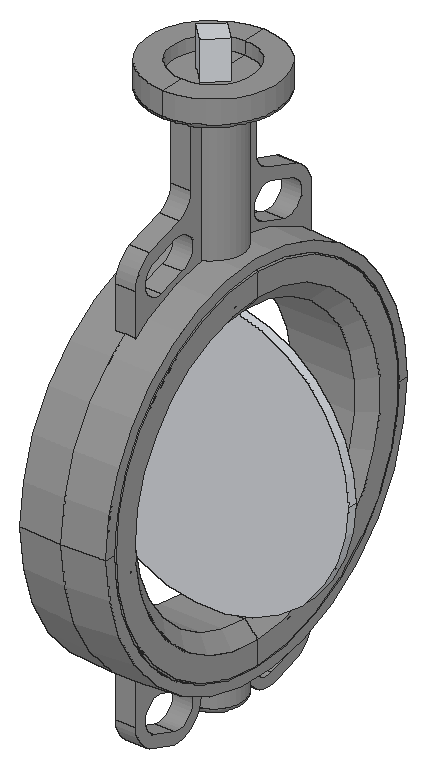
Revit family "Запорно-регулирующая заслонка ZF-4219", category Rohrzubehör, Revit 2021
Family settings
  Bemaßung runder Anschluss = Durchmesser verwenden
  Teiletyp = Unterbricht
  Arbeitsebenenbasiert = Nein
  Immer vertikal = Ja
  Beim Laden mit Abzugskörper schneiden = Nein
  Gemeinsam genutzt = Nein
Parameters
  Шпиндель = "Нержавеющая сталь ASTM-A276 / Type 316"  # constant formula
  Фланцевое соединение = "В соответствии с EN1092-2"  # constant formula
  Уплотнение корпуса = "EPDM в соответствии с ISO 1691"  # constant formula
  Среда = "Качество теплоносителя в соответствии с ÖNORM H5195 и/или предписаниями VDI 2035.\r\nРазрешается использование смеси этилен или пропиленгликоля в соотношении 25-50% с водой."
  Область применения = "Применяются в системах тепло- и холодоснабжения."
  Номер заказа [instance] = size_lookup("4219_ZF", "Artnr", 1421901, Nennweite)  # 1421927
  Макс. рабочая температура = 110 °C  # constant formula
  Крутящий момент в Нм [instance] = size_lookup("4219_ZF", "NM", 350, Nennweite)  # 150
  Корпус = "Чугун GG, GJS-250/JL1040, в соответствии с EN1561"  # constant formula
  Диск = "Нержавеющая сталь 1.4408"  # constant formula
  Вес [instance] = size_lookup("4219_ZF", "M", 37.6, Nennweite)  # 16.6
  Vorgabe-Ansicht = 0 mm
  URL = "www.herz-armaturen.ru"
  Болты PN16 [instance] = if(Nennweite = 50 mm, "4x M16x100", if(Nennweite = 65 mm, "4x M16x100", if(Nennweite = 80 mm, "8x M16x100", if(Nennweite = 100 mm, "8x M16x110", if(Nennweite = 125 mm, "8x M16x120", if(Nennweite = 150 mm, "8x M20x120", if(Nennweite = 200 mm, "12x M20x130", if(Nennweite = 250 mm, "12x M24x140", "12x M24x160"))))))))  # "12x M20x130"
  Болты PN 6 [instance] = if(Nennweite = 50 mm, "4x M12x100", if(Nennweite = 65 mm, "4x M12x100", if(Nennweite = 80 mm, "4x M16x100", if(Nennweite = 100 mm, "4x M16x100", if(Nennweite = 125 mm, "8x M16x110", if(Nennweite = 150 mm, "8x M16x110", if(Nennweite = 200 mm, "--", if(Nennweite = 250 mm, "12x M16x130", "12xM16x140"))))))))  # "--"
  Болты PN10 [instance] = if(Nennweite = 50 mm, "4x M16x100", if(Nennweite = 65 mm, "4x M16x100", if(Nennweite = 80 mm, "4x M16x100", if(Nennweite = 100 mm, "4x M16x110", if(Nennweite = 125 mm, "8x M16x120", if(Nennweite = 150 mm, "8x M20x120", if(Nennweite = 200 mm, "8x M20x130", if(Nennweite = 250 mm, "12x M20x130", "12x M20x150"))))))))  # "8x M20x130"
  SCTWSEQ = "FW;SBT_TYP_FW=\"101\";2"
  SCTWCODE = "04;07;02"  # constant formula
  SCRNSEQ = "ARM;ARM_TYP=\"ALLF\";2"
  SCRNCODE = "05;13;02"  # constant formula
  R_Dichtung = 1.5 mm  # constant formula
  PN16 [instance] = or(Nennweite = 50 mm, Nennweite = 65 mm, Nennweite = 80 mm, Nennweite = 100 mm, Nennweite = 125 mm, Nennweite = 150 mm, Nennweite = 200 mm, Nennweite = 250 mm, Nennweite = 300 mm)  # yes
  PN10 [instance] = or(Nennweite = 50 mm, Nennweite = 65 mm, Nennweite = 80 mm, Nennweite = 100 mm, Nennweite = 125 mm, Nennweite = 150 mm, Nennweite = 200 mm, Nennweite = 250 mm, Nennweite = 300 mm)  # yes
  PN 6 [instance] = or(Nennweite = 50 mm, Nennweite = 65 mm, Nennweite = 80 mm, Nennweite = 100 mm, Nennweite = 125 mm, Nennweite = 150 mm, Nennweite = 250 mm, Nennweite = 300 mm)  # no
  PN = 16  # constant formula
  O-Ring = "EPDM в соответствии с ISO 1691"  # constant formula
  Nennweite [instance] = 200 mm
  Мин. рабочая температура = "-20.00 °C при соответствующей водно-гликолевой смеси"  # constant formula
  LO1 [instance] = R05 + 10 mm  # 141 mm
  L16 [instance] = L01 - L13  # 236 mm
  L15 [instance] = L01 + L12  # 263 mm
  L14 [instance] = size_lookup("4219_ZF", "L_14", 44.4 mm, Nennweite)  # 61.5 mm
  L13 [instance] = size_lookup("4219_ZF", "L_13", 15 mm, Nennweite)  # 9 mm
  L12 [instance] = size_lookup("4219_ZF", "L_12", 15 mm, Nennweite)  # 18 mm
  L11 [instance] = size_lookup("4219_ZF", "L_11", 15 mm, Nennweite)  # 20 mm
  L10 [instance] = size_lookup("4219_ZF", "L_10", 16 mm, Nennweite)  # 16 mm
  L09 [instance] = size_lookup("4219_ZF", "L9", 29 mm, Nennweite)  # 44 mm
  L08 [instance] = size_lookup("4219_ZF", "L8", 43 mm, Nennweite)  # 60 mm
  L07 [instance] = size_lookup("4219_ZF", "L7", 3.5 mm, Nennweite)  # 4.5 mm
  L06 [instance] = size_lookup("4219_ZF", "L6", 18 mm, Nennweite)  # 32 mm
  L05 [instance] = size_lookup("4219_ZF", "L5", 35 mm, Nennweite)  # 50 mm
  L04 [instance] = size_lookup("4219_ZF", "L4", 35 mm, Nennweite)  # 17.5 mm
  L03 [instance] = size_lookup("4219_ZF", "L3", 35 mm, Nennweite)  # 152.5 mm
  L02 [instance] = size_lookup("4219_ZF", "L2", 35 mm, Nennweite)  # 109 mm
  L01 [instance] = size_lookup("4219_ZF", "L1", 35 mm, Nennweite)  # 245 mm
  Hersteller = "HERZ Armaturen Ges.m.b.H."  # constant formula
  H [instance] = size_lookup("4219_ZF", "H1", 9 mm, Nennweite)  # 17 mm
  DN300 [instance] = Nennweite = 300 mm  # no
  DN250 [instance] = Nennweite = 250 mm  # no
  DN200 [instance] = Nennweite = 200 mm  # yes
  DN150 [instance] = Nennweite = 150 mm  # no
  DN125 [instance] = Nennweite = 125 mm  # no
  DN100 [instance] = Nennweite = 100 mm  # no
  DN 80 [instance] = Nennweite = 80 mm  # no
  DN 65 [instance] = Nennweite = 65 mm  # no
  DN 50 [instance] = Nennweite = 50 mm  # no
  BD [instance] = size_lookup("4219_ZF", "DB", 24 mm, Nennweite)  # 193.6 mm
  D09 [instance] = size_lookup("4219_ZF", "D9", 24 mm, Nennweite)  # 96.5 mm
  D08 [instance] = size_lookup("4219_ZF", "D8", 47 mm, Nennweite)  # 14 mm
  D07 [instance] = size_lookup("4219_ZF", "D7", 47 mm, Nennweite)  # 27.5 mm
  D06 [instance] = size_lookup("4219_ZF", "D6", 47 mm, Nennweite)  # 44 mm
  R05 [instance] = size_lookup("4219_ZF", "D5", 47 mm, Nennweite)  # 131 mm
  D05 [instance] = R05 * 2  # 262 mm
  D04 [instance] = size_lookup("4219_ZF", "D4", 41 mm, Nennweite)  # 124 mm
  D03 [instance] = size_lookup("4219_ZF", "D3", 35.5 mm, Nennweite)  # 116.5 mm
  R01 [instance] = size_lookup("4219_ZF", "D1", 28 mm, Nennweite)  # 103.5 mm
  R02 [instance] = size_lookup("4219_ZF", "D2", 30 mm, Nennweite)  # 105.5 mm
Reference planes
  plane 1 "Mitte (Vorne/hinten)": y = 0
  plane 2: z = 0
  plane 3 "Mitte (Links/rechts)": x = 0
Forms (mm)
  Revolve 1, solid, material "Herz-Metall-blau", detail levels fine
    sketch origin (0, 0, 0) x (1, 0, 0) y (0, 1, 0)
      loop
        line (0, 132.724) -> (-30, 131) -> (-30, 124) -> (-22, 124) -> (-22, 116.5) -> (-23.5, 116.5)
        arc (-23.5, 116.5) -> (-24.561, 116.061) -> (-25, 115) r 1.5
        line (-25, 115) -> (-25, 105.824)
        arc (-25, 105.824) -> (-24.729, 104.964) -> (-24.013, 104.415) r 1.5
        line (-24.013, 104.415) -> (-20.5, 103.5) -> (-16, 103.5) -> (-16, 105.5) -> (16, 105.5) -> (16, 103.5) -> (20.5, 103.5) -> (24.013, 104.415)
        arc (24.013, 104.415) -> (24.729, 104.964) -> (25, 105.824) r 1.5
        line (25, 105.824) -> (25, 115)
        arc (25, 115) -> (24.561, 116.061) -> (23.5, 116.5) r 1.5
        line (23.5, 116.5) -> (22, 116.5) -> (22, 124) -> (30, 124) -> (30, 131) -> (0, 132.724)
      axis (30, 0) -> (-30, 0)
    angle from 0 to 360
  Extrusion 2, solid, material "Herz-Metall-blau", visible <- "DN 50", detail levels fine
    sketch origin (0, 0, 0) x (0, 1, 0) y (0, 0, 1)
      loop
        line (20, 54.051) -> (20.008, 111.113) -> (16.897, 110.952)
        arc (16.897, 110.952) -> (15.55, 110.331) -> (15, 108.954) r 2
        line (15, 108.954) -> (15, 44.542)
        arc (15, 44.542) -> (31.465, 34.913) -> (42.748, 19.534) r 47
        arc (42.748, 19.534) -> (42.633, 20.873) -> (43.392, 21.983) r 2
        line (43.392, 21.983) -> (54.714, 30.209)
        arc (54.714, 30.209) -> (56.569, 56.569) -> (30.209, 54.714) r 17.5
        line (30.209, 54.714) -> (27.87, 51.494)
        arc (27.87, 51.494) -> (23.006, 49.914) -> (20, 54.051) r 4.35
      loop
        arc (32.065, 41.998) -> (33.588, 33.588) -> (41.998, 32.065) r 7.5
        line (41.998, 32.065) -> (48.502, 35.17)
        arc (48.502, 35.17) -> (51.265, 51.265) -> (35.17, 48.502) r 10
        line (35.17, 48.502) -> (32.065, 41.998)
      loop
        arc (-20, 54.051) -> (-23.006, 49.914) -> (-27.87, 51.494) r 4.35
        line (-27.87, 51.494) -> (-30.209, 54.714)
        arc (-30.209, 54.714) -> (-56.569, 56.569) -> (-54.714, 30.209) r 17.5
        line (-54.714, 30.209) -> (-43.392, 21.983)
        arc (-43.392, 21.983) -> (-42.633, 20.873) -> (-42.748, 19.534) r 2
        arc (-42.748, 19.534) -> (-31.465, 34.913) -> (-15, 44.542) r 47
        line (-15, 44.542) -> (-15, 108.954)
        arc (-15, 108.954) -> (-15.55, 110.331) -> (-16.897, 110.952) r 2
        line (-16.897, 110.952) -> (-20.008, 111.113) -> (-20, 54.051)
      loop
        line (-32.065, 41.998) -> (-35.17, 48.502)
        arc (-35.17, 48.502) -> (-51.265, 51.265) -> (-48.502, 35.17) r 10
        line (-48.502, 35.17) -> (-41.998, 32.065)
        arc (-41.998, 32.065) -> (-33.588, 33.588) -> (-32.065, 41.998) r 7.5
      loop
        line (32.065, -41.998) -> (35.17, -48.502)
        arc (35.17, -48.502) -> (51.265, -51.265) -> (48.502, -35.17) r 10
        line (48.502, -35.17) -> (41.998, -32.065)
        arc (41.998, -32.065) -> (33.588, -33.588) -> (32.065, -41.998) r 7.5
      loop
        line (54.714, -30.209) -> (43.392, -21.983)
        arc (43.392, -21.983) -> (42.633, -20.873) -> (42.748, -19.534) r 2
        arc (42.748, -19.534) -> (33.234, -33.234) -> (19.534, -42.748) r 47
        arc (19.534, -42.748) -> (20.873, -42.633) -> (21.983, -43.392) r 2
        line (21.983, -43.392) -> (30.209, -54.714)
        arc (30.209, -54.714) -> (56.569, -56.569) -> (54.714, -30.209) r 17.5
      loop
        arc (-32.065, -41.998) -> (-33.588, -33.588) -> (-41.998, -32.065) r 7.5
        line (-41.998, -32.065) -> (-48.502, -35.17)
        arc (-48.502, -35.17) -> (-51.265, -51.265) -> (-35.17, -48.502) r 10
        line (-35.17, -48.502) -> (-32.065, -41.998)
      loop
        arc (-54.714, -30.209) -> (-56.569, -56.569) -> (-30.209, -54.714) r 17.5
        line (-30.209, -54.714) -> (-21.983, -43.392)
        arc (-21.983, -43.392) -> (-20.873, -42.633) -> (-19.534, -42.748) r 2
        arc (-19.534, -42.748) -> (-33.234, -33.234) -> (-42.748, -19.534) r 47
        arc (-42.748, -19.534) -> (-42.633, -20.873) -> (-43.392, -21.983) r 2
        line (-43.392, -21.983) -> (-54.714, -30.209)
    from -4.5 to 4.5
  Extrusion 3, solid, material "Herz-Metall-blau", visible <- "DN 65", detail levels fine
    sketch origin (0, 0, 0) x (0, 1, 0) y (0, 0, 1)
      loop
        arc (51.659, 21.619) -> (51.541, 22.778) -> (52.089, 23.805) r 2
        line (52.089, 23.805) -> (65.407, 37.123)
        arc (65.407, 37.123) -> (65.407, 65.407) -> (37.123, 65.407) r 20
        line (37.123, 65.407) -> (29.414, 57.699)
        arc (29.414, 57.699) -> (27.235, 57.265) -> (26, 59.113) r 2
        line (26, 59.113) -> (26, 136.154) -> (19.897, 135.838)
        arc (19.897, 135.838) -> (18.55, 135.218) -> (18, 133.841) r 2
        line (18, 133.841) -> (18, 53.028)
        arc (18, 53.028) -> (38.206, 40.942) -> (51.659, 21.619) r 56
      loop
        arc (55.637, 42.831) -> (57.983, 57.983) -> (42.831, 55.637) r 9.5
        line (42.831, 55.637) -> (39.647, 48.983)
        arc (39.647, 48.983) -> (41.012, 41.012) -> (48.983, 39.647) r 7
        line (48.983, 39.647) -> (55.637, 42.831)
      loop
        arc (51.659, -21.619) -> (39.598, -39.598) -> (21.619, -51.659) r 56
        arc (21.619, -51.659) -> (22.778, -51.541) -> (23.805, -52.089) r 2
        line (23.805, -52.089) -> (37.123, -65.407)
        arc (37.123, -65.407) -> (65.407, -65.407) -> (65.407, -37.123) r 20
        line (65.407, -37.123) -> (52.089, -23.805)
        arc (52.089, -23.805) -> (51.541, -22.778) -> (51.659, -21.619) r 2
      loop
        line (55.637, -42.831) -> (48.983, -39.647)
        arc (48.983, -39.647) -> (41.012, -41.012) -> (39.647, -48.983) r 7
        line (39.647, -48.983) -> (42.831, -55.637)
        arc (42.831, -55.637) -> (57.983, -57.983) -> (55.637, -42.831) r 9.5
      loop
        arc (-51.659, -21.619) -> (-51.541, -22.778) -> (-52.089, -23.805) r 2
        line (-52.089, -23.805) -> (-65.407, -37.123)
        arc (-65.407, -37.123) -> (-65.407, -65.407) -> (-37.123, -65.407) r 20
        line (-37.123, -65.407) -> (-23.805, -52.089)
        arc (-23.805, -52.089) -> (-22.778, -51.541) -> (-21.619, -51.659) r 2
        arc (-21.619, -51.659) -> (-39.598, -39.598) -> (-51.659, -21.619) r 56
      loop
        arc (-55.637, -42.831) -> (-57.983, -57.983) -> (-42.831, -55.637) r 9.5
        line (-42.831, -55.637) -> (-39.647, -48.983)
        arc (-39.647, -48.983) -> (-41.012, -41.012) -> (-48.983, -39.647) r 7
        line (-48.983, -39.647) -> (-55.637, -42.831)
      loop
        arc (-51.659, 21.619) -> (-38.206, 40.942) -> (-18, 53.028) r 56
        line (-18, 53.028) -> (-18, 133.838)
        arc (-18, 133.838) -> (-18.55, 135.215) -> (-19.897, 135.835) r 2
        line (-19.897, 135.835) -> (-26, 136.151) -> (-26, 59.113)
        arc (-26, 59.113) -> (-27.235, 57.265) -> (-29.414, 57.699) r 2
        line (-29.414, 57.699) -> (-37.123, 65.407)
        arc (-37.123, 65.407) -> (-65.407, 65.407) -> (-65.407, 37.123) r 20
        line (-65.407, 37.123) -> (-52.089, 23.805)
        arc (-52.089, 23.805) -> (-51.541, 22.778) -> (-51.659, 21.619) r 2
      loop
        line (-55.637, 42.831) -> (-48.983, 39.647)
        arc (-48.983, 39.647) -> (-41.012, 41.012) -> (-39.647, 48.983) r 7
        line (-39.647, 48.983) -> (-42.831, 55.637)
        arc (-42.831, 55.637) -> (-57.983, 57.983) -> (-55.637, 42.831) r 9.5
    from -4.5 to 4.5
  Extrusion 4, solid, material "Herz-Metall-blau", visible <- "DN 80", detail levels fine
    sketch origin (0, 0, 0) x (0, 1, 0) y (0, 0, 1)
      loop
        line (26, 143.161) -> (20.397, 142.871)
        arc (20.397, 142.871) -> (19.05, 142.251) -> (18.5, 140.874) r 2
        line (18.5, 140.874) -> (18.5, 62.833)
        arc (18.5, 62.833) -> (41.296, 50.842) -> (57.706, 30.989) r 65.5
        arc (57.706, 30.989) -> (57.482, 32.176) -> (57.983, 33.275) r 2
        line (57.983, 33.275) -> (67.23, 43.52)
        arc (67.23, 43.52) -> (70.328, 54.798) -> (65.407, 65.407) r 17
        line (65.407, 65.407) -> (42.005, 86.53)
        arc (42.005, 86.53) -> (37.832, 89.302) -> (33.031, 90.738) r 17
        arc (33.031, 90.738) -> (27.974, 93.895) -> (26, 99.52) r 9
        line (26, 99.52) -> (26, 143.161)
      loop
        circle (30.615, 73.91) r 9.5
      loop
        circle (53.387, 53.387) r 9.5
      loop
        arc (57.706, -30.989) -> (41.296, -50.842) -> (18.5, -62.833) r 65.5
        line (18.5, -62.833) -> (18.5, -85.837)
        arc (18.5, -85.837) -> (30.113, -90.903) -> (42.005, -86.53) r 17
        line (42.005, -86.53) -> (65.407, -65.407)
        arc (65.407, -65.407) -> (70.328, -54.798) -> (67.23, -43.52) r 17
        line (67.23, -43.52) -> (57.983, -33.275)
        arc (57.983, -33.275) -> (57.482, -32.176) -> (57.706, -30.989) r 2
      loop
        circle (30.615, -73.91) r 9.5
      loop
        circle (53.387, -53.387) r 9.5
      loop
        arc (-57.706, -30.989) -> (-57.482, -32.176) -> (-57.983, -33.275) r 2
        line (-57.983, -33.275) -> (-67.23, -43.52)
        arc (-67.23, -43.52) -> (-70.328, -54.798) -> (-65.407, -65.407) r 17
        line (-65.407, -65.407) -> (-42.005, -86.53)
        arc (-42.005, -86.53) -> (-30.113, -90.903) -> (-18.5, -85.837) r 17
        line (-18.5, -85.837) -> (-18.5, -62.833)
        arc (-18.5, -62.833) -> (-41.296, -50.842) -> (-57.706, -30.989) r 65.5
      loop
        circle (-30.615, -73.91) r 9.5
      loop
        circle (-53.387, -53.387) r 9.5
      loop
        line (-26, 143.179) -> (-26, 99.52)
        arc (-26, 99.52) -> (-27.974, 93.895) -> (-33.031, 90.738) r 9
        arc (-33.031, 90.738) -> (-37.832, 89.302) -> (-42.005, 86.53) r 17
        line (-42.005, 86.53) -> (-65.407, 65.407)
        arc (-65.407, 65.407) -> (-70.328, 54.798) -> (-67.23, 43.52) r 17
        line (-67.23, 43.52) -> (-57.983, 33.275)
        arc (-57.983, 33.275) -> (-57.482, 32.176) -> (-57.706, 30.989) r 2
        arc (-57.706, 30.989) -> (-41.296, 50.842) -> (-18.5, 62.833) r 65.5
        line (-18.5, 62.833) -> (-18.5, 140.891)
        arc (-18.5, 140.891) -> (-19.05, 142.268) -> (-20.397, 142.888) r 2
        line (-20.397, 142.888) -> (-26, 143.179)
      loop
        circle (-30.615, 73.91) r 9.5
      loop
        circle (-53.387, 53.387) r 9.5
    from -4.5 to 4.5
  Extrusion 5, solid, material "Herz-Metall-blau", visible <- "DN100", detail levels fine
    sketch origin (0, 0, 0) x (0, 1, 0) y (0, 0, 1)
      loop
        line (64.131, 38.887) -> (73.681, 49.873)
        arc (73.681, 49.873) -> (77.063, 61.29) -> (72.125, 72.125) r 17
        line (72.125, 72.125) -> (45.809, 95.79)
        arc (45.809, 95.79) -> (41.366, 98.675) -> (36.25, 100.053) r 17
        arc (36.25, 100.053) -> (28.882, 104.596) -> (26, 112.759) r 13
        line (26, 112.759) -> (26, 166.173) -> (20.397, 165.883)
        arc (20.397, 165.883) -> (19.05, 165.263) -> (18.5, 163.886) r 2
        line (18.5, 163.886) -> (18.5, 72.683)
        arc (18.5, 72.683) -> (44.637, 60.27) -> (64.131, 38.887) r 75
      loop
        circle (60.104, 60.104) r 9.5
      loop
        circle (34.442, 83.149) r 9.5
      loop
        arc (64.131, -38.887) -> (44.637, -60.27) -> (18.5, -72.683) r 75
        line (18.5, -72.683) -> (18.5, -95.329)
        arc (18.5, -95.329) -> (21.473, -95.603) -> (24.233, -96.743) r 10
        arc (24.233, -96.743) -> (35.191, -100.133) -> (45.809, -95.79) r 17
        line (45.809, -95.79) -> (72.125, -72.125)
        arc (72.125, -72.125) -> (77.063, -61.29) -> (73.681, -49.873) r 17
        line (73.681, -49.873) -> (64.131, -38.887)
      loop
        circle (60.104, -60.104) r 9.5
      loop
        circle (34.442, -83.149) r 9.5
      loop
        line (-64.131, -38.887) -> (-73.681, -49.873)
        arc (-73.681, -49.873) -> (-77.063, -61.29) -> (-72.125, -72.125) r 17
        line (-72.125, -72.125) -> (-45.809, -95.79)
        arc (-45.809, -95.79) -> (-35.191, -100.133) -> (-24.233, -96.743) r 17
        arc (-24.233, -96.743) -> (-21.473, -95.603) -> (-18.5, -95.329) r 10
        line (-18.5, -95.329) -> (-18.5, -72.683)
        arc (-18.5, -72.683) -> (-44.637, -60.27) -> (-64.131, -38.887) r 75
      loop
        circle (-60.104, -60.104) r 9.5
      loop
        circle (-34.442, -83.149) r 9.5
      loop
        arc (-64.131, 38.887) -> (-44.637, 60.27) -> (-18.5, 72.683) r 75
        line (-18.5, 72.683) -> (-18.5, 163.876)
        arc (-18.5, 163.876) -> (-19.05, 165.253) -> (-20.397, 165.873) r 2
        line (-20.397, 165.873) -> (-26, 166.164) -> (-26, 112.759)
        arc (-26, 112.759) -> (-28.882, 104.596) -> (-36.25, 100.053) r 13
        arc (-36.25, 100.053) -> (-41.366, 98.675) -> (-45.809, 95.79) r 17
        line (-45.809, 95.79) -> (-72.125, 72.125)
        arc (-72.125, 72.125) -> (-77.063, 61.29) -> (-73.681, 49.873) r 17
        line (-73.681, 49.873) -> (-64.131, 38.887)
      loop
        circle (-60.104, 60.104) r 9.5
      loop
        circle (-34.442, 83.149) r 9.5
    from -4.5 to 4.5
  Extrusion 6, solid, material "Herz-Metall-blau", visible <- "DN125", detail levels fine
    sketch origin (0, 0, 0) x (0, 1, 0) y (0, 0, 1)
      loop
        arc (75.229, 48.945) -> (74.917, 50.244) -> (75.492, 51.45) r 2
        line (75.492, 51.45) -> (82.731, 58.69)
        arc (82.731, 58.69) -> (87.711, 70.711) -> (82.731, 82.731) r 17
        line (82.731, 82.731) -> (51.291, 109.875)
        arc (51.291, 109.875) -> (46.108, 112.941) -> (40.182, 114.007) r 17
        line (40.182, 114.007) -> (38, 114.007)
        arc (38, 114.007) -> (29.515, 117.522) -> (26, 126.007) r 12
        line (26, 126.007) -> (26, 185.157) -> (20.397, 184.867)
        arc (20.397, 184.867) -> (19.05, 184.246) -> (18.5, 182.869) r 2
        line (18.5, 182.869) -> (18.5, 87.823)
        arc (18.5, 87.823) -> (50.736, 74.033) -> (75.229, 48.945) r 89.75
      loop
        circle (40.182, 97.007) r 9.5
      loop
        circle (70.711, 70.711) r 9.5
      loop
        arc (75.229, -48.945) -> (50.736, -74.033) -> (18.5, -87.823) r 89.75
        line (18.5, -87.823) -> (18.5, -108.431)
        arc (18.5, -108.431) -> (24.248, -107.655) -> (29.46, -110.2) r 10
        arc (29.46, -110.2) -> (40.434, -114.005) -> (51.291, -109.875) r 17
        line (51.291, -109.875) -> (82.731, -82.731)
        arc (82.731, -82.731) -> (87.711, -70.711) -> (82.731, -58.69) r 17
        line (82.731, -58.69) -> (75.492, -51.45)
        arc (75.492, -51.45) -> (74.917, -50.244) -> (75.229, -48.945) r 2
      loop
        circle (40.182, -97.007) r 9.5
      loop
        circle (70.711, -70.711) r 9.5
      loop
        arc (-75.229, -48.945) -> (-74.917, -50.244) -> (-75.492, -51.45) r 2
        line (-75.492, -51.45) -> (-82.731, -58.69)
        arc (-82.731, -58.69) -> (-87.711, -70.711) -> (-82.731, -82.731) r 17
        line (-82.731, -82.731) -> (-51.291, -109.875)
        arc (-51.291, -109.875) -> (-40.434, -114.005) -> (-29.46, -110.2) r 17
        arc (-29.46, -110.2) -> (-24.248, -107.655) -> (-18.5, -108.431) r 10
        line (-18.5, -108.431) -> (-18.5, -87.823)
        arc (-18.5, -87.823) -> (-50.736, -74.033) -> (-75.229, -48.945) r 89.75
      loop
        circle (-40.182, -97.007) r 9.5
      loop
        circle (-70.711, -70.711) r 9.5
      loop
        arc (-75.229, 48.945) -> (-50.736, 74.033) -> (-18.5, 87.823) r 89.75
        line (-18.5, 87.823) -> (-18.5, 182.852)
        arc (-18.5, 182.852) -> (-19.05, 184.23) -> (-20.397, 184.85) r 2
        line (-20.397, 184.85) -> (-26, 185.14) -> (-26, 126.007)
        arc (-26, 126.007) -> (-29.515, 117.522) -> (-38, 114.007) r 12
        line (-38, 114.007) -> (-40.182, 114.007)
        arc (-40.182, 114.007) -> (-46.108, 112.941) -> (-51.291, 109.875) r 17
        line (-51.291, 109.875) -> (-82.731, 82.731)
        arc (-82.731, 82.731) -> (-87.711, 70.711) -> (-82.731, 58.69) r 17
        line (-82.731, 58.69) -> (-75.492, 51.45)
        arc (-75.492, 51.45) -> (-74.917, 50.244) -> (-75.229, 48.945) r 2
      loop
        circle (-40.182, 97.007) r 9.5
      loop
        circle (-70.711, 70.711) r 9.5
    from -6 to 6
  Extrusion 7, solid, material "Herz-Metall-blau", visible <- "DN150", detail levels fine
    sketch origin (0, 0, 0) x (0, 1, 0) y (0, 0, 1)
      loop
        line (83.495, 59.454) -> (91.57, 67.529)
        arc (91.57, 67.529) -> (96.55, 79.55) -> (91.57, 91.57) r 17
        line (91.57, 91.57) -> (57.511, 123.304)
        arc (57.511, 123.304) -> (45.758, 127.865) -> (34.095, 123.077) r 17
        arc (34.095, 123.077) -> (28.976, 122.416) -> (26, 126.633) r 5
        line (26, 126.633) -> (26, 198.177) -> (20.397, 197.887)
        arc (20.397, 197.887) -> (19.05, 197.267) -> (18.5, 195.889) r 2
        line (18.5, 195.889) -> (18.5, 100.817)
        arc (18.5, 100.817) -> (55.032, 86.474) -> (83.495, 59.454) r 102.5
      loop
        circle (45.922, 110.866) r 11.5
      loop
        circle (79.55, 79.55) r 9.5
      loop
        circle (45.922, -110.866) r 11.5
      loop
        circle (79.55, -79.55) r 9.5
      loop
        line (91.57, -67.529) -> (83.495, -59.454)
        arc (83.495, -59.454) -> (55.032, -86.474) -> (18.5, -100.817) r 102.5
        line (18.5, -100.817) -> (18.5, -123.208)
        arc (18.5, -123.208) -> (19.363, -121.755) -> (21.03, -121.482) r 2
        line (21.03, -121.482) -> (42.642, -127.546)
        arc (42.642, -127.546) -> (50.587, -127.213) -> (57.511, -123.304) r 17
        line (57.511, -123.304) -> (91.57, -91.57)
        arc (91.57, -91.57) -> (96.55, -79.55) -> (91.57, -67.529) r 17
      loop
        arc (-83.495, 59.454) -> (-55.032, 86.474) -> (-18.5, 100.817) r 102.5
        line (-18.5, 100.817) -> (-18.5, 195.875)
        arc (-18.5, 195.875) -> (-19.05, 197.252) -> (-20.397, 197.872) r 2
        line (-20.397, 197.872) -> (-26, 198.163) -> (-26, 126.633)
        arc (-26, 126.633) -> (-28.976, 122.416) -> (-34.095, 123.077) r 5
        arc (-34.095, 123.077) -> (-45.758, 127.865) -> (-57.511, 123.304) r 17
        line (-57.511, 123.304) -> (-91.57, 91.57)
        arc (-91.57, 91.57) -> (-96.55, 79.55) -> (-91.57, 67.529) r 17
        line (-91.57, 67.529) -> (-83.495, 59.454)
      loop
        circle (-45.922, 110.866) r 11.5
      loop
        circle (-79.55, 79.55) r 9.5
      loop
        circle (-45.922, -110.866) r 11.5
      loop
        circle (-79.55, -79.55) r 9.5
      loop
        arc (-91.57, -67.529) -> (-96.55, -79.55) -> (-91.57, -91.57) r 17
        line (-91.57, -91.57) -> (-57.511, -123.304)
        arc (-57.511, -123.304) -> (-50.587, -127.213) -> (-42.642, -127.546) r 17
        line (-42.642, -127.546) -> (-21.03, -121.482)
        arc (-21.03, -121.482) -> (-19.363, -121.755) -> (-18.5, -123.208) r 2
        line (-18.5, -123.208) -> (-18.5, -100.817)
        arc (-18.5, -100.817) -> (-55.032, -86.474) -> (-83.495, -59.454) r 102.5
        line (-83.495, -59.454) -> (-91.57, -67.529)
    from -7 to 7
  Extrusion 8, solid, material "Herz-Metall-blau", visible <- "DN200", detail levels fine
    sketch origin (0, 0, 0) x (0, 1, 0) y (0, 0, 1)
      loop
        arc (42.048, 153.832) -> (26.654, 145.827) -> (35.349, 130.812) r 12
        line (35.349, 130.812) -> (53.31, 124.689)
        arc (53.31, 124.689) -> (67.804, 132.4) -> (61.038, 147.359) r 12
        line (61.038, 147.359) -> (42.048, 153.832)
      loop
        line (28, 226.273) -> (22.065, 226.047)
        arc (22.065, 226.047) -> (20.655, 225.469) -> (20, 224.092) r 2.114
        line (20, 224.092) -> (20, 129.471)
        arc (20, 129.471) -> (49.604, 121.273) -> (76.485, 106.406) r 130.989
        line (76.485, 106.406) -> (76.485, 136.265)
        arc (76.485, 136.265) -> (73.108, 147.391) -> (64.117, 154.764) r 20.019
        line (64.117, 154.764) -> (38.16, 163.592)
        arc (38.16, 163.592) -> (30.802, 169.06) -> (28, 177.79) r 15
        line (28, 177.79) -> (28, 226.273)
      loop
        line (42.048, -153.832) -> (61.038, -147.359)
        arc (61.038, -147.359) -> (67.804, -132.4) -> (53.31, -124.689) r 12
        line (53.31, -124.689) -> (35.349, -130.812)
        arc (35.349, -130.812) -> (26.654, -145.827) -> (42.048, -153.832) r 12
      loop
        arc (76.446, -106.382) -> (49.585, -121.253) -> (20, -129.464) r 131
        line (20, -129.464) -> (20, -141.835)
        arc (20, -141.835) -> (28.361, -158.099) -> (46.453, -160.765) r 20
        line (46.453, -160.765) -> (64.099, -154.75)
        arc (64.099, -154.75) -> (73.075, -147.384) -> (76.446, -136.272) r 20
        line (76.446, -136.272) -> (76.446, -106.382)
      loop
        arc (-42.048, -153.832) -> (-26.654, -145.827) -> (-35.349, -130.812) r 12
        line (-35.349, -130.812) -> (-53.31, -124.689)
        arc (-53.31, -124.689) -> (-67.804, -132.4) -> (-61.038, -147.359) r 12
        line (-61.038, -147.359) -> (-42.048, -153.832)
      loop
        line (-76.446, -106.382) -> (-76.446, -136.272)
        arc (-76.446, -136.272) -> (-73.075, -147.384) -> (-64.099, -154.75) r 20
        line (-64.099, -154.75) -> (-46.453, -160.765)
        arc (-46.453, -160.765) -> (-28.361, -158.099) -> (-20, -141.835) r 20
        line (-20, -141.835) -> (-20, -129.464)
        arc (-20, -129.464) -> (-49.585, -121.253) -> (-76.446, -106.382) r 131
      loop
        line (-42.048, 153.832) -> (-61.038, 147.359)
        arc (-61.038, 147.359) -> (-67.804, 132.4) -> (-53.31, 124.689) r 12
        line (-53.31, 124.689) -> (-35.349, 130.812)
        arc (-35.349, 130.812) -> (-26.654, 145.827) -> (-42.048, 153.832) r 12
      loop
        line (-28, 226.278) -> (-28, 177.79)
        arc (-28, 177.79) -> (-30.802, 169.06) -> (-38.16, 163.592) r 15
        line (-38.16, 163.592) -> (-64.117, 154.764)
        arc (-64.117, 154.764) -> (-73.108, 147.391) -> (-76.485, 136.265) r 20.019
        line (-76.485, 136.265) -> (-76.485, 106.406)
        arc (-76.485, 106.406) -> (-49.604, 121.273) -> (-20, 129.471) r 130.989
        line (-20, 129.471) -> (-20, 224.098)
        arc (-20, 224.098) -> (-20.655, 225.475) -> (-22.065, 226.053) r 2.114
        line (-22.065, 226.053) -> (-28, 226.278)
    from -7 to 7
  Extrusion 9, solid, material "Herz-Metall-blau", visible <- "DN250", detail levels fine
    sketch origin (0, 0, 0) x (0, 1, 0) y (0, 0, 1)
      loop
        arc (-95.9, 125.382) -> (-61.406, 145.382) -> (-23, 156.095) r 157.75
        line (-23, 156.095) -> (-23, 258.814)
        arc (-23, 258.814) -> (-23.588, 260.113) -> (-24.893, 260.69) r 2
        line (-24.893, 260.69) -> (-32, 261.058) -> (-32, 187.712)
        arc (-32, 187.712) -> (-33.507, 185.205) -> (-36.428, 185.359) r 2.84
        arc (-36.428, 185.359) -> (-43.951, 188.152) -> (-51.918, 187.184) r 17
        line (-51.918, 187.184) -> (-97.072, 155.872)
        arc (-97.072, 155.872) -> (-100.207, 149.167) -> (-100.195, 141.765) r 17
        line (-100.195, 141.765) -> (-95.9, 125.382)
      loop
        circle (-83.608, 145.492) r 9.5
      loop
        circle (-45.549, 171.269) r 14
      loop
        arc (96.192, -125.349) -> (61.575, -145.51) -> (23, -156.317) r 157.999
        line (23, -156.317) -> (23, -181.388) -> (27.217, -181.388)
        arc (27.217, -181.388) -> (30.142, -181.826) -> (32.812, -183.1) r 10
        line (32.812, -183.1) -> (36.428, -185.542)
        arc (36.428, -185.542) -> (44.468, -188.388) -> (52.878, -186.972) r 17
        line (52.878, -186.972) -> (97.463, -155.872)
        arc (97.463, -155.872) -> (100.598, -149.167) -> (100.586, -141.765) r 17
        line (100.586, -141.765) -> (96.192, -125.349)
      loop
        circle (84, -145.492) r 9.5
      loop
        circle (45.94, -171.452) r 14
      loop
        line (-96.192, -125.349) -> (-100.586, -141.765)
        arc (-100.586, -141.765) -> (-100.598, -149.167) -> (-97.463, -155.872) r 17
        line (-97.463, -155.872) -> (-52.878, -186.972)
        arc (-52.878, -186.972) -> (-44.468, -188.388) -> (-36.428, -185.542) r 17
        line (-36.428, -185.542) -> (-32.812, -183.1)
        arc (-32.812, -183.1) -> (-30.142, -181.826) -> (-27.217, -181.388) r 10
        line (-27.217, -181.388) -> (-23, -181.388) -> (-23, -156.317)
        arc (-23, -156.317) -> (-61.575, -145.51) -> (-96.192, -125.349) r 157.999
      loop
        circle (-84, -145.492) r 9.5
      loop
        circle (-45.94, -171.452) r 14
      loop
        line (95.9, 125.2) -> (100.195, 141.582)
        arc (100.195, 141.582) -> (100.207, 148.984) -> (97.072, 155.689) r 17
        line (97.072, 155.689) -> (51.919, 187.036)
        arc (51.919, 187.036) -> (43.952, 188.006) -> (36.428, 185.212) r 17
        arc (36.428, 185.212) -> (33.507, 185.058) -> (32, 187.566) r 2.84
        line (32, 187.566) -> (32, 261.045) -> (24.893, 260.677)
        arc (24.893, 260.677) -> (23.588, 260.1) -> (23, 258.801) r 2
        line (23, 258.801) -> (23, 155.948)
        arc (23, 155.948) -> (61.411, 145.223) -> (95.9, 125.2) r 157.605
      loop
        circle (83.608, 145.31) r 9.5
      loop
        circle (45.549, 171.122) r 14
    from -9 to 9
  Extrusion 10, solid, material "Herz-Metall-blau", visible <- "DN300", detail levels fine
    sketch origin (0, 0, 0) x (0, 1, 0) y (0, 0, 1)
      loop
        arc (62.57, 187.834) -> (56.268, 211.23) -> (39.112, 194.12) r 14
        line (39.112, 194.12) -> (40.223, 189.928)
        arc (40.223, 189.928) -> (48.374, 181.769) -> (59.504, 184.767) r 11.5
        line (59.504, 184.767) -> (62.57, 187.834)
      loop
        circle (98.337, 170.892) r 12
      loop
        arc (113.094, 162.454) -> (114.748, 175.326) -> (106.837, 185.615) r 17
        line (106.837, 185.615) -> (61.701, 211.919)
        arc (61.701, 211.919) -> (54.44, 214.463) -> (46.806, 213.516) r 16.852
        arc (46.806, 213.516) -> (36.904, 213.681) -> (32, 222.285) r 10
        line (32, 222.285) -> (32, 286.38) -> (24.895, 286.033)
        arc (24.895, 286.033) -> (23.576, 285.442) -> (23, 284.117) r 2
        line (23, 284.117) -> (23, 181.202)
        arc (23, 181.202) -> (65.613, 170.505) -> (104.437, 149.94) r 182.63
        line (104.437, 149.94) -> (113.094, 162.454)
      loop
        line (62.984, -188.142) -> (59.917, -185.075)
        arc (59.917, -185.075) -> (48.787, -182.077) -> (40.637, -190.235) r 11.5
        line (40.637, -190.235) -> (39.525, -194.427)
        arc (39.525, -194.427) -> (56.681, -211.538) -> (62.984, -188.142) r 14
      loop
        circle (98.75, -171.04) r 12
      loop
        line (113.508, -162.601) -> (104.75, -150.055)
        arc (104.75, -150.055) -> (65.787, -170.766) -> (23, -181.549) r 183
        line (23, -181.549) -> (23, -206.327)
        arc (23, -206.327) -> (24.157, -204.218) -> (26.558, -204.062) r 2.5
        line (26.558, -204.062) -> (45.918, -213.443)
        arc (45.918, -213.443) -> (53.906, -214.994) -> (61.701, -212.654) r 17
        line (61.701, -212.654) -> (107.25, -185.762)
        arc (107.25, -185.762) -> (115.162, -175.474) -> (113.508, -162.601) r 17
      loop
        arc (-62.984, -188.142) -> (-56.681, -211.538) -> (-39.525, -194.427) r 14
        line (-39.525, -194.427) -> (-40.637, -190.235)
        arc (-40.637, -190.235) -> (-48.787, -182.077) -> (-59.917, -185.075) r 11.5
        line (-59.917, -185.075) -> (-62.984, -188.142)
      loop
        circle (-98.75, -171.04) r 12
      loop
        arc (-113.508, -162.601) -> (-115.162, -175.474) -> (-107.25, -185.762) r 17
        line (-107.25, -185.762) -> (-61.701, -212.654)
        arc (-61.701, -212.654) -> (-53.906, -214.994) -> (-45.918, -213.443) r 17
        line (-45.918, -213.443) -> (-26.558, -204.062)
        arc (-26.558, -204.062) -> (-24.157, -204.218) -> (-23, -206.327) r 2.5
        line (-23, -206.327) -> (-23, -181.549)
        arc (-23, -181.549) -> (-65.787, -170.766) -> (-104.75, -150.055) r 183
        line (-104.75, -150.055) -> (-113.508, -162.601)
      loop
        line (-62.574, 188.142) -> (-59.508, 185.075)
        arc (-59.508, 185.075) -> (-48.378, 182.077) -> (-40.227, 190.235) r 11.5
        line (-40.227, 190.235) -> (-39.116, 194.427)
        arc (-39.116, 194.427) -> (-56.272, 211.538) -> (-62.574, 188.142) r 14
      loop
        circle (-98.34, 171.04) r 12
      loop
        line (-113.098, 162.601) -> (-104.44, 150.087)
        arc (-104.44, 150.087) -> (-65.611, 170.637) -> (-23, 181.326) r 182.753
        line (-23, 181.326) -> (-23, 284.115)
        arc (-23, 284.115) -> (-23.577, 285.441) -> (-24.896, 286.032) r 2
        line (-24.896, 286.032) -> (-32, 286.379) -> (-32, 222.593)
        arc (-32, 222.593) -> (-37.217, 213.811) -> (-47.425, 214.193) r 10
        arc (-47.425, 214.193) -> (-54.523, 214.911) -> (-61.291, 212.654) r 17
        line (-61.291, 212.654) -> (-106.84, 185.762)
        arc (-106.84, 185.762) -> (-114.752, 175.474) -> (-113.098, 162.601) r 17
    from -9 to 9
  Revolve 11, solid, material "Herz-Metall-blau"
    sketch origin (0, 0, 0) x (0, 1, 0) y (0, 0, 1)
      loop
        line (0, -131) -> (0, -152.5) -> (17, -152.5)
        arc (17, -152.5) -> (19.121, -151.621) -> (20, -149.5) r 3
        line (20, -149.5) -> (20, -129.464)
        arc (20, -129.464) -> (10.029, -130.616) -> (0, -131) r 131
      axis (0, -129.464) -> (0, -152.5)
    angle from 0 to 360
  Revolve 12, solid, material "Herz-Metall-blau"
    sketch origin (0, 0, 0) x (0, 1, 0) y (0, 0, 1)
      loop
        line (0, 236) -> (0, 131)
        arc (0, 131) -> (10.029, 130.616) -> (20, 129.464) r 131
        line (20, 129.464) -> (20, 223.944)
        arc (20, 223.944) -> (20.549, 225.32) -> (21.895, 225.941) r 2
        line (21.895, 225.941) -> (42.105, 227)
        arc (42.105, 227) -> (43.451, 227.621) -> (44, 228.997) r 2
        line (44, 228.997) -> (44, 245) -> (27.5, 245) -> (27.5, 236) -> (0, 236)
      axis (0, 245) -> (0, 129.464)
    angle from 0 to 360
  Revolve 13, solid, material "Gummi"
    sketch origin (0, 0, 0) x (1, 0, 0) y (0, 0, 1)
      loop
        arc (-29.258, 124) -> (-30.313, 123.563) -> (-30.75, 122.508) r 1.492
        line (-30.75, 122.508) -> (-30.75, 105.718) -> (-22, 96.5) -> (22, 96.5) -> (30.75, 106.945) -> (30.75, 123)
        arc (30.75, 123) -> (30.457, 123.707) -> (29.75, 124) r 1
        line (29.75, 124) -> (22, 124) -> (22, 116.5) -> (23.5, 116.5)
        arc (23.5, 116.5) -> (24.561, 116.061) -> (25, 115) r 1.5
        line (25, 115) -> (25, 105.988)
        arc (25, 105.988) -> (24.622, 104.993) -> (23.68, 104.499) r 1.5
        line (23.68, 104.499) -> (20.5, 103.5) -> (16.527, 103.5) -> (16.527, 105.5) -> (-15.473, 105.5) -> (-15.473, 103.5) -> (-20.5, 103.5) -> (-23.68, 104.499)
        arc (-23.68, 104.499) -> (-24.622, 104.993) -> (-25, 105.988) r 1.5
        line (-25, 105.988) -> (-25, 115)
        arc (-25, 115) -> (-24.561, 116.061) -> (-23.5, 116.5) r 1.5
        line (-23.5, 116.5) -> (-22, 116.5) -> (-22, 124) -> (-29.258, 124)
      axis (-30.75, 0) -> (30.75, 0)
    angle from 0 to 360
  Extrusion 14, solid, detail levels fine
    sketch origin (0, 0, 0) x (1, 0, 0) y (0, 0, 1)
      loop
        circle (0, 0) r 96.8
    from -3 to 3
  Extrusion 15, solid, detail levels fine
    sketch origin (0, 0, 0) x (1, 0, 0) y (0, 1, 0)
      loop
        line (0, 12.021) -> (-12.021, 0) -> (0, -12.021) -> (12.021, 0) -> (0, 12.021)
    from 236 <- "L16" to 263 <- "L15"
Lines and regions (mm)
  model lines, detail levels coarse+medium
    curve 1: line (-30, 131, 0) -> (30, 131, 0)
    curve 2: line (-30, -131, 0) -> (-30, 131, 0)
    curve 3: line (30, -131, 0) -> (-30, -131, 0)
    curve 4: line (30, 131, 0) -> (30, -131, 0)
    curve 5: line (-30, 131, 0) -> (30, -131, 0)
    curve 6: circle (0, 0, 0) r 5 normal (0, 0, 1)
    curve 7: line (-30, 0, 131) -> (30, 0, 131)
    curve 8: line (-30, 0, -131) -> (-30, 0, 131)
    curve 9: line (30, 0, -131) -> (-30, 0, -131)
    curve 10: line (30, 0, 131) -> (30, 0, -131)
    curve 11: line (-30, 0, 131) -> (30, 0, -131)
    curve 12: circle (0, 0, 0) r 7 normal (0, -1, 0)
Dimensions and locks
  "L08": Revolve 1 sketch curve to Revolve 1 sketch curve
  equal spacing: Revolve 1 sketch curve, plane 3 "Mitte (Links/rechts)", Revolve 1 sketch curve  (x4)
  "L07": Revolve 1 sketch curve to Revolve 1 sketch curve  (x2)
  "L06": Revolve 1 sketch curve to Revolve 1 sketch curve
  "L05": Revolve 1 sketch curve to Revolve 1 sketch curve
  "L09": Revolve 1 sketch curve to Revolve 1 sketch curve
  "R05": plane 1 "Mitte (Vorne/hinten)" to Revolve 1 sketch curve  (x2)
  "D04": plane 1 "Mitte (Vorne/hinten)" to Revolve 1 sketch curve  (x2)
  "D03": plane 1 "Mitte (Vorne/hinten)" to Revolve 1 sketch curve  (x2)
  "R01": plane 1 "Mitte (Vorne/hinten)" to Revolve 1 sketch curve  (x2)
  "R02": plane 1 "Mitte (Vorne/hinten)" to Revolve 1 sketch curve
  equal spacing: curve 2, plane 3 "Mitte (Links/rechts)", curve 4
  equal spacing: curve 3, plane 1 "Mitte (Vorne/hinten)", curve 1
  "L08": curve 2 to curve 4
  "D05": curve 3 to curve 1
  equal spacing: curve 10, plane 3 "Mitte (Links/rechts)", curve 8
  equal spacing: curve 7, level, curve 9
  "D05": curve 7 to curve 9
  "L08": curve 8 to curve 10
  "L11": Revolve 11 sketch curve to plane 1 "Mitte (Vorne/hinten)"
  "L03": level to Revolve 11 sketch curve
  "R05": level to Revolve 11 sketch curve
  "R05": Revolve 12 sketch curve to curve 2
  "L11": Revolve 12 sketch curve to plane 1 "Mitte (Vorne/hinten)"
  "L01": Revolve 12 sketch curve to level
  "L12": Revolve 12 sketch curve to Revolve 12 sketch curve
  "L13": Revolve 12 sketch curve to Revolve 12 sketch curve
  "D07": Revolve 12 sketch curve to Revolve 12 sketch curve
  "D06": Revolve 12 sketch curve to Revolve 12 sketch curve
  Extrusion 10 sketch curve to plane 1 "Mitte (Vorne/hinten)" to Extrusion 10 sketch curve = 23 mm, 23 mm
  equal spacing: Extrusion 10 sketch curve, plane 1 "Mitte (Vorne/hinten)", Extrusion 10 sketch curve
  Extrusion 10 sketch curve to Extrusion 10 sketch curve = 64 mm
  Extrusion 9 sketch curve to plane 1 "Mitte (Vorne/hinten)" to Extrusion 9 sketch curve = 23 mm, 23 mm
  Extrusion 9 sketch curve to plane 1 "Mitte (Vorne/hinten)" to Extrusion 9 sketch curve = 32 mm, 32 mm
  Extrusion 8 sketch curve to Extrusion 8 sketch curve = 56 mm
  equal spacing: Extrusion 8 sketch curve, plane 1 "Mitte (Vorne/hinten)", Extrusion 8 sketch curve
  Extrusion 8 sketch curve to plane 1 "Mitte (Vorne/hinten)" to Extrusion 8 sketch curve = 20 mm, 20 mm
  equal spacing: Extrusion 7 sketch curve, plane 1 "Mitte (Vorne/hinten)", Extrusion 7 sketch curve
  Extrusion 7 sketch curve to Extrusion 7 sketch curve = 52 mm
  equal spacing: Extrusion 6 sketch curve, plane 1 "Mitte (Vorne/hinten)", Extrusion 6 sketch curve
  "R02": Revolve 13 sketch curve to curve 3
  "D04": Revolve 13 sketch curve to level  (x2)
  "L14": Revolve 13 sketch curve to Revolve 13 sketch curve
  "D09": Revolve 13 sketch curve to level
  "D03": Revolve 13 sketch curve to level  (x2)
  "R01": Revolve 13 sketch curve to level  (x2)
  "L09": Revolve 13 sketch curve to Revolve 13 sketch curve  (x2)
  "L06": Revolve 13 sketch curve to Revolve 13 sketch curve
  "L05": Revolve 13 sketch curve to Revolve 13 sketch curve
  equal spacing: Revolve 13 sketch curve, plane 3 "Mitte (Links/rechts)", Revolve 13 sketch curve  (x4)
  "L07": Revolve 13 sketch curve to Revolve 13 sketch curve  (x2)
  equal spacing: Extrusion 15 sketch curve, plane 3 "Mitte (Links/rechts)", Extrusion 15 sketch curve  (x2)
  "H": Extrusion 15 sketch curve to Extrusion 15 sketch curve  (x2)
  "L11": nested 1 to plane 3 "Mitte (Links/rechts)"
  "LO1": plane 2 to nested 1
  "R05": radius of Revolve 11 sketch curve
  "R05": radius of Revolve 12 sketch curve
  "R_Dichtung": radius of Revolve 13 sketch curve  (x4)
  "BD": diameter of Extrusion 14 sketch curve
  angle Revolve 1 sketch curve to Revolve 1 sketch curve = 93.2891°  (x2)
  angle Revolve 12 sketch curve to Revolve 12 sketch curve = 93.00°
  angle plane 3 "Mitte (Links/rechts)" to Extrusion 15 sketch curve = 45.00°
  angle Extrusion 15 sketch curve to plane 3 "Mitte (Links/rechts)" = 45.00°
  aligned and locked: level to plane 2
Automatic sketch dimensions
  Extrusion 2 sketch curve to Extrusion 2 sketch curve = 0 mm  (x28)
  Extrusion 2 sketch curve to level = 0 mm
  Extrusion 2 sketch curve to plane 1 "Mitte (Vorne/hinten)" = 0 mm
  plane 1 "Mitte (Vorne/hinten)" to Extrusion 2 sketch curve = 15 mm
  Extrusion 2 sketch curve to Extrusion 2 sketch curve = 1.897 mm  (x2)
  Extrusion 2 sketch curve to Extrusion 2 sketch curve = 0.103 mm  (x2)
  Extrusion 2 sketch curve to Extrusion 2 sketch curve = 5 mm  (x2)
  Extrusion 2 sketch curve to Extrusion 2 sketch curve = 3.111 mm  (x2)
  plane 1 "Mitte (Vorne/hinten)" to Extrusion 2 sketch curve = 20.365 mm
  Extrusion 2 sketch curve to Extrusion 2 sketch curve = 1.618 mm  (x6)
  Extrusion 2 sketch curve to Extrusion 2 sketch curve = 4.35 mm  (x2)
  Extrusion 2 sketch curve to Extrusion 2 sketch curve = 3.519 mm  (x2)
  Extrusion 2 sketch curve to Extrusion 2 sketch curve = 2.34 mm  (x2)
  Extrusion 2 sketch curve to Extrusion 2 sketch curve = 8.226 mm  (x6)
  Extrusion 2 sketch curve to Extrusion 2 sketch curve = 10.081 mm  (x6)
  Extrusion 2 sketch curve to Extrusion 2 sketch curve = 4.195 mm  (x2)
  Extrusion 2 sketch curve to Extrusion 2 sketch curve = 3.105 mm  (x8)
  Extrusion 2 sketch curve to Extrusion 2 sketch curve = 6.826 mm  (x8)
  Extrusion 2 sketch curve to Extrusion 2 sketch curve = 3.107 mm  (x4)
  Extrusion 2 sketch curve to Extrusion 2 sketch curve = 1.394 mm  (x6)
  Extrusion 2 sketch curve to Extrusion 2 sketch curve = 5.303 mm  (x8)
  Extrusion 2 sketch curve to Extrusion 2 sketch curve = 1.176 mm  (x6)
  Extrusion 2 sketch curve to Extrusion 2 sketch curve = 6.505 mm  (x4)
  Extrusion 2 sketch curve to Extrusion 2 sketch curve = 6.212 mm  (x4)
  Extrusion 2 sketch curve to plane 1 "Mitte (Vorne/hinten)" = 15 mm
  Extrusion 2 sketch curve to plane 1 "Mitte (Vorne/hinten)" = 20.365 mm
  Extrusion 2 sketch curve to level = 20.365 mm  (x2)
  level to Extrusion 2 sketch curve = 20.365 mm  (x2)
  Extrusion 2 sketch curve to Extrusion 2 sketch curve = 2.545 mm  (x2)
  Extrusion 2 sketch curve to Extrusion 2 sketch curve = 3.22 mm  (x2)
  Extrusion 2 sketch curve to Extrusion 2 sketch curve = 2.557 mm  (x2)
  Extrusion 2 sketch curve to Extrusion 2 sketch curve = 54.903 mm
  Extrusion 2 sketch curve to Extrusion 2 sketch curve = 0.161 mm  (x2)
  Extrusion 2 sketch curve to Extrusion 2 sketch curve = 0.831 mm  (x2)
  Extrusion 2 sketch curve to Extrusion 2 sketch curve = 1.819 mm  (x2)
  Extrusion 10 sketch curve to Extrusion 10 sketch curve = 0 mm  (x23)
  Extrusion 10 sketch curve to level = 0 mm
  Extrusion 10 sketch curve to plane 1 "Mitte (Vorne/hinten)" = 0 mm
  Extrusion 10 sketch curve to Extrusion 10 sketch curve = 1.896 mm
  Extrusion 10 sketch curve to Extrusion 10 sketch curve = 1.998 mm
  plane 1 "Mitte (Vorne/hinten)" to Extrusion 10 sketch curve = 25.5 mm
  Extrusion 10 sketch curve to Extrusion 10 sketch curve = 1.058 mm  (x2)
  Extrusion 10 sketch curve to Extrusion 10 sketch curve = 16.116 mm
  Extrusion 10 sketch curve to Extrusion 10 sketch curve = 12.968 mm
  Extrusion 10 sketch curve to Extrusion 10 sketch curve = 10 mm  (x2)
  Extrusion 10 sketch curve to Extrusion 10 sketch curve = 6.393 mm  (x2)
  Extrusion 10 sketch curve to Extrusion 10 sketch curve = 12.239 mm  (x4)
  Extrusion 10 sketch curve to Extrusion 10 sketch curve = 1.294 mm  (x4)
  Extrusion 10 sketch curve to Extrusion 10 sketch curve = 8.643 mm
  Extrusion 10 sketch curve to Extrusion 10 sketch curve = 15.783 mm  (x2)
  Extrusion 10 sketch curve to Extrusion 10 sketch curve = 11.22 mm  (x3)
  Extrusion 10 sketch curve to Extrusion 10 sketch curve = 35.766 mm  (x3)
  Extrusion 10 sketch curve to Extrusion 10 sketch curve = 6 mm  (x2)
  Extrusion 10 sketch curve to Extrusion 10 sketch curve = 6.1 mm
  Extrusion 10 sketch curve to Extrusion 10 sketch curve = 8.5 mm  (x4)
  Extrusion 10 sketch curve to Extrusion 10 sketch curve = 8.658 mm
  Extrusion 10 sketch curve to Extrusion 10 sketch curve = 8.758 mm  (x2)
  Extrusion 10 sketch curve to Extrusion 10 sketch curve = 16.525 mm
  level to Extrusion 10 sketch curve = 0.006 mm  (x2)
  plane 1 "Mitte (Vorne/hinten)" to Extrusion 10 sketch curve = 0.16 mm
  Extrusion 10 sketch curve to plane 1 "Mitte (Vorne/hinten)" = 0.161 mm
  Extrusion 10 sketch curve to plane 1 "Mitte (Vorne/hinten)" = 23 mm
  Extrusion 10 sketch curve to Extrusion 10 sketch curve = 1.895 mm
  Extrusion 10 sketch curve to Extrusion 10 sketch curve = 0.103 mm
  Extrusion 10 sketch curve to Extrusion 10 sketch curve = 2.5 mm
  Extrusion 10 sketch curve to Extrusion 10 sketch curve = 14.025 mm
  Extrusion 10 sketch curve to Extrusion 10 sketch curve = 16.112 mm
  Extrusion 10 sketch curve to Extrusion 10 sketch curve = 46.986 mm
  Extrusion 10 sketch curve to Extrusion 10 sketch curve = 6.101 mm
  Extrusion 10 sketch curve to Extrusion 10 sketch curve = 8.657 mm
  Extrusion 10 sketch curve to level = 150.055 mm
  Extrusion 10 sketch curve to Extrusion 10 sketch curve = 31.494 mm
  Extrusion 10 sketch curve to Extrusion 10 sketch curve = 12.546 mm  (x2)
  Extrusion 10 sketch curve to Extrusion 10 sketch curve = 8.439 mm  (x4)
  Extrusion 10 sketch curve to Extrusion 10 sketch curve = 17.102 mm  (x3)
  Extrusion 10 sketch curve to Extrusion 10 sketch curve = 5.043 mm  (x3)
  Extrusion 10 sketch curve to Extrusion 10 sketch curve = 1.242 mm  (x4)
  Extrusion 10 sketch curve to Extrusion 10 sketch curve = 9.634 mm
  Extrusion 10 sketch curve to Extrusion 10 sketch curve = 2.265 mm
  Extrusion 10 sketch curve to Extrusion 10 sketch curve = 11.9 mm
  Extrusion 10 sketch curve to Extrusion 10 sketch curve = 14.639 mm  (x3)
  level to Extrusion 10 sketch curve = 150.087 mm
  Extrusion 10 sketch curve to Extrusion 10 sketch curve = 31.386 mm
  Extrusion 10 sketch curve to Extrusion 10 sketch curve = 12.514 mm  (x2)
  Extrusion 10 sketch curve to Extrusion 10 sketch curve = 11.675 mm
  Extrusion 10 sketch curve to Extrusion 10 sketch curve = 4.83 mm
  Extrusion 10 sketch curve to Extrusion 10 sketch curve = 24.578 mm
  Extrusion 10 sketch curve to Extrusion 10 sketch curve = 9.939 mm
  Extrusion 10 sketch curve to Extrusion 10 sketch curve = 61.442 mm
  Extrusion 10 sketch curve to Extrusion 10 sketch curve = 0.001 mm
  Extrusion 10 sketch curve to Extrusion 10 sketch curve = 0.081 mm  (x2)
  Extrusion 10 sketch curve to Extrusion 10 sketch curve = 0.347 mm  (x2)
  Extrusion 10 sketch curve to Extrusion 10 sketch curve = 1.111 mm  (x4)
  Extrusion 10 sketch curve to Extrusion 10 sketch curve = 0.011 mm  (x4)
  Extrusion 10 sketch curve to Extrusion 10 sketch curve = 3.067 mm  (x3)
  Extrusion 10 sketch curve to Extrusion 10 sketch curve = 0.008 mm  (x8)
  Extrusion 10 sketch curve to Extrusion 10 sketch curve = 4.806 mm
  Extrusion 10 sketch curve to Extrusion 10 sketch curve = 8.153 mm
  Extrusion 10 sketch curve to Extrusion 10 sketch curve = 14.895 mm
  Extrusion 10 sketch curve to Extrusion 10 sketch curve = 3.058 mm
  Extrusion 10 sketch curve to Extrusion 10 sketch curve = 3.075 mm  (x4)
  Extrusion 10 sketch curve to Extrusion 10 sketch curve = 0.003 mm  (x4)
  Extrusion 9 sketch curve to Extrusion 9 sketch curve = 0 mm  (x14)
  Extrusion 9 sketch curve to Extrusion 9 sketch curve = 1.893 mm  (x2)
  Extrusion 9 sketch curve to Extrusion 9 sketch curve = 0.103 mm  (x2)
  plane 1 "Mitte (Vorne/hinten)" to Extrusion 9 sketch curve = 27.217 mm
  Extrusion 9 sketch curve to Extrusion 9 sketch curve = 5.595 mm  (x2)
  Extrusion 9 sketch curve to Extrusion 9 sketch curve = 2.84 mm  (x2)
  Extrusion 9 sketch curve to Extrusion 9 sketch curve = 3.617 mm  (x2)
  Extrusion 9 sketch curve to Extrusion 9 sketch curve = 9.512 mm  (x2)
  Extrusion 9 sketch curve to Extrusion 9 sketch curve = 11.101 mm
  Extrusion 9 sketch curve to Extrusion 9 sketch curve = 6.369 mm
  Extrusion 9 sketch curve to Extrusion 9 sketch curve = 16.45 mm  (x2)
  Extrusion 9 sketch curve to Extrusion 9 sketch curve = 38.06 mm  (x3)
  Extrusion 9 sketch curve to Extrusion 9 sketch curve = 12.192 mm  (x2)
  Extrusion 9 sketch curve to Extrusion 9 sketch curve = 12.292 mm  (x2)
  Extrusion 9 sketch curve to Extrusion 9 sketch curve = 13.463 mm  (x4)
  Extrusion 9 sketch curve to Extrusion 9 sketch curve = 3.123 mm  (x4)
  Extrusion 9 sketch curve to Extrusion 9 sketch curve = 4.217 mm  (x2)
  level to Extrusion 9 sketch curve = 0.007 mm  (x2)
  plane 1 "Mitte (Vorne/hinten)" to Extrusion 9 sketch curve = 0.16 mm
  Extrusion 9 sketch curve to level = 0 mm  (x2)
  plane 1 "Mitte (Vorne/hinten)" to Extrusion 9 sketch curve = 0.008 mm
  Extrusion 9 sketch curve to plane 1 "Mitte (Vorne/hinten)" = 0.008 mm
  Extrusion 9 sketch curve to Extrusion 9 sketch curve = 0.153 mm
  Extrusion 9 sketch curve to plane 1 "Mitte (Vorne/hinten)" = 23 mm
  Extrusion 9 sketch curve to Extrusion 9 sketch curve = 10.709 mm
  Extrusion 9 sketch curve to Extrusion 9 sketch curve = 5.979 mm
  Extrusion 9 sketch curve to Extrusion 9 sketch curve = 37.668 mm
  Extrusion 9 sketch curve to level = 125.349 mm
  Extrusion 9 sketch curve to Extrusion 9 sketch curve = 30.969 mm
  Extrusion 9 sketch curve to Extrusion 9 sketch curve = 16.416 mm  (x2)
  Extrusion 9 sketch curve to Extrusion 9 sketch curve = 3.728 mm  (x4)
  Extrusion 9 sketch curve to Extrusion 9 sketch curve = 15.134 mm  (x2)
  Extrusion 9 sketch curve to Extrusion 9 sketch curve = 9.936 mm  (x2)
  Extrusion 9 sketch curve to Extrusion 9 sketch curve = 1.712 mm  (x2)
  Extrusion 9 sketch curve to Extrusion 9 sketch curve = 2.442 mm  (x2)
  level to Extrusion 9 sketch curve = 125.382 mm
  Extrusion 9 sketch curve to Extrusion 9 sketch curve = 30.895 mm
  Extrusion 9 sketch curve to Extrusion 9 sketch curve = 16.382 mm  (x2)
  Extrusion 9 sketch curve to Extrusion 9 sketch curve = 15.174 mm  (x2)
  Extrusion 9 sketch curve to Extrusion 9 sketch curve = 15.914 mm
  Extrusion 9 sketch curve to Extrusion 9 sketch curve = 15.915 mm
  Extrusion 9 sketch curve to Extrusion 9 sketch curve = 0.529 mm  (x2)
  Extrusion 9 sketch curve to Extrusion 9 sketch curve = 71.114 mm
  Extrusion 9 sketch curve to Extrusion 9 sketch curve = 0.013 mm
  Extrusion 9 sketch curve to Extrusion 9 sketch curve = 0.121 mm  (x2)
  Extrusion 9 sketch curve to Extrusion 9 sketch curve = 0.368 mm  (x2)
  Extrusion 9 sketch curve to Extrusion 9 sketch curve = 0.392 mm  (x2)
  Extrusion 8 sketch curve to Extrusion 8 sketch curve = 0 mm  (x7)
  Extrusion 8 sketch curve to level = 0 mm
  Extrusion 8 sketch curve to plane 1 "Mitte (Vorne/hinten)" = 0 mm
  level to Extrusion 8 sketch curve = 0.005 mm  (x2)
  plane 1 "Mitte (Vorne/hinten)" to Extrusion 8 sketch curve = 0.086 mm
  plane 1 "Mitte (Vorne/hinten)" to Extrusion 8 sketch curve = 20 mm
  Extrusion 8 sketch curve to Extrusion 8 sketch curve = 2.065 mm  (x2)
  Extrusion 8 sketch curve to Extrusion 8 sketch curve = 2.108 mm
  Extrusion 8 sketch curve to Extrusion 8 sketch curve = 5.935 mm
  Extrusion 8 sketch curve to Extrusion 8 sketch curve = 15.349 mm  (x4)
  Extrusion 8 sketch curve to Extrusion 8 sketch curve = 10.16 mm  (x2)
  Extrusion 8 sketch curve to Extrusion 8 sketch curve = 2.826 mm  (x4)
  Extrusion 8 sketch curve to Extrusion 8 sketch curve = 1.824 mm  (x2)
  Extrusion 8 sketch curve to Extrusion 8 sketch curve = 3.887 mm  (x2)
  Extrusion 8 sketch curve to Extrusion 8 sketch curve = 3.872 mm  (x2)
  Extrusion 8 sketch curve to Extrusion 8 sketch curve = 4.84 mm
  Extrusion 8 sketch curve to Extrusion 8 sketch curve = 4.405 mm  (x2)
  Extrusion 8 sketch curve to Extrusion 8 sketch curve = 17.961 mm  (x3)
  Extrusion 8 sketch curve to Extrusion 8 sketch curve = 3.135 mm  (x3)
  Extrusion 8 sketch curve to Extrusion 8 sketch curve = 0.021 mm  (x2)
  Extrusion 8 sketch curve to Extrusion 8 sketch curve = 4.571 mm  (x2)
  Extrusion 8 sketch curve to Extrusion 8 sketch curve = 4.592 mm  (x2)
  Extrusion 8 sketch curve to Extrusion 8 sketch curve = 3.061 mm  (x2)
  Extrusion 8 sketch curve to Extrusion 8 sketch curve = 3.079 mm  (x2)
  Extrusion 8 sketch curve to Extrusion 8 sketch curve = 23.135 mm
  Extrusion 8 sketch curve to Extrusion 8 sketch curve = 15.447 mm  (x2)
  Extrusion 8 sketch curve to plane 1 "Mitte (Vorne/hinten)" = 0.086 mm
  Extrusion 8 sketch curve to plane 1 "Mitte (Vorne/hinten)" = 20 mm
  Extrusion 8 sketch curve to Extrusion 8 sketch curve = 0.043 mm
  Extrusion 8 sketch curve to Extrusion 8 sketch curve = 15 mm
  Extrusion 8 sketch curve to Extrusion 8 sketch curve = 18.27 mm
  Extrusion 8 sketch curve to Extrusion 8 sketch curve = 15.408 mm
  Extrusion 8 sketch curve to level = 106.382 mm
  Extrusion 8 sketch curve to Extrusion 8 sketch curve = 23.083 mm
  Extrusion 8 sketch curve to Extrusion 8 sketch curve = 18.308 mm  (x2)
  Extrusion 8 sketch curve to Extrusion 8 sketch curve = 1.347 mm  (x2)
  Extrusion 8 sketch curve to Extrusion 8 sketch curve = 11.583 mm  (x2)
  Extrusion 8 sketch curve to Extrusion 8 sketch curve = 12.371 mm
  Extrusion 8 sketch curve to Extrusion 8 sketch curve = 11.023 mm
  Extrusion 8 sketch curve to Extrusion 8 sketch curve = 0.639 mm  (x2)
  level to Extrusion 8 sketch curve = 106.406 mm
  Extrusion 8 sketch curve to Extrusion 8 sketch curve = 23.065 mm
  Extrusion 8 sketch curve to Extrusion 8 sketch curve = 18.283 mm
  Extrusion 8 sketch curve to Extrusion 8 sketch curve = 1.34 mm  (x2)
  Extrusion 8 sketch curve to Extrusion 8 sketch curve = 29.859 mm
  Extrusion 8 sketch curve to Extrusion 8 sketch curve = 11.576 mm
  Extrusion 8 sketch curve to Extrusion 8 sketch curve = 0.007 mm  (x2)
  Extrusion 8 sketch curve to Extrusion 8 sketch curve = 11.662 mm  (x2)
